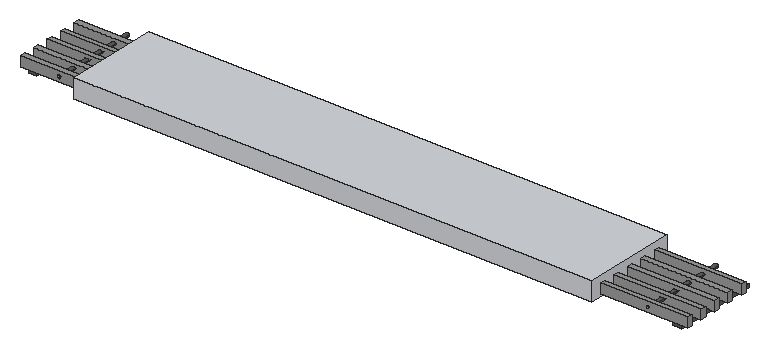
Revit family "1212-5, Veneer", category Generic Models, host Face, Revit 2020
Family settings
  Host = Face
  Can host rebar = No
  Round Connector Dimension = Use Diameter
  Part Type = Normal
  Cut with Voids When Loaded = No
  Shared = No
  Room Calculation Point = No
Parameters
  min_value [instance] = 1' - 11 1/4"  # constant formula
  max_value [instance] = 9' - 11 1/4"  # constant formula
  actual_value [instance] = if(NET LENGTH < min_value, min_value, if(NET LENGTH > max_value, max_value, NET LENGTH))  # 7' - 11 1/4"
  NET LENGTH [instance] = 7' - 11 1/4"
  IMPORTANT NOTE!!!                                                                             *Backer & dowel layout is for visualization purposes only, final layout to be determined by 9Wood. [instance] = ""
  Default Elevation = 4' - 0"
  DOWEL RADIUS [instance] = 0' - 0 1/4"  # constant formula
  BACKING M MATERIAL [instance] = BLACK-BACKERS
  .. MEMBER WIDTH [instance] = 0' - 0 3/4"  # constant formula
  .. MEMBER MATERIAL [instance] = Veneer Cherry
  .. MEMBER DEPTH [instance] = 0' - 1 3/8"  # constant formula
  .. MEMBER COUNT [instance] = 5  # constant formula
Reference planes (in)
  plane 1 "Center (Front/Back)": y = 0
  plane 2: z = 2.726
  plane 3 "Center (Left/Right)": x = 0
Forms (in)
  Extrusion 1, solid
    sketch origin (15, -0.86619, -0.99308) x (0, 1, 0) y (-1, 0, 0)
      loop
        line (3.42869, -23.66817) -> (3.42869, 50.25) -> (-10, 50.25) -> (-10, -23.66817) -> (3.42869, -23.66817)
    from 3.71908 to 1.00111
Dimensions and locks (in)
  aligned and locked: plane 2 to Extrusion 1
Nested families (in)
  nested 1: "1200 Series" at (-44, -2, 1.87867), NET LENGTH <- "actual_value", DOWEL RADII <- "DOWEL RADIUS", .. MEMBER WIDTH <- ".. MEMBER WIDTH", .. MEMBER DEPTH <- ".. MEMBER DEPTH", .. MEMBER MATERIAL <- ".. MEMBER MATERIAL", BACKING M MATERIAL <- "BACKING M MATERIAL", .. MEMBER COUNT <- ".. MEMBER COUNT", type "1200 Series"
    with X 7' - 4", WIDTH 1' - 0 1/16", Space 0' - 0 11/16", START 0' - 0 3/8", SCRIM MATERIAL SCRIM, SCRIM 3 8' - 1", SCRIM 2 0' - 0 7/8", SCRIM 1 0' - 0 3/32", SCRIM yes, NET LENGTH 7' - 11 1/4", N 8, INSET 3 0' - 0 3/16", INSET 0' - 1", INDEX 0' - 5 5/8", END BACKER yes, DOWEL RADII 0' - 0 1/4", DOWEL COUNT 8, BACKING M WIDTH 0' - 1 1/4", BACKING M MATERIAL BLACK-BACKERS, BACKING M LENGTH 0' - 11 7/8", BACKING M DEPTH 0' - 0 1/2", .. MEMBER WIDTH 0' - 0 3/4", .. MEMBER OC TYP 0' - 2.4", .. MEMBER MATERIAL Veneer Cherry, .. MEMBER DEPTH 0' - 1 3/8", .. MEMBER COUNT 5
Definition of nested family "1200 Series"
  Parameters (values of type "1200 Series")
    X [instance] = NET LENGTH - (0' 3 5/8" * 2)  # 6' - 2"
    WIDTH [instance] = 1' - 0 1/16"
    Space [instance] = 0' - 0 11/16"  # constant formula
    START [instance] = .. MEMBER WIDTH / 2  # 0' - 0 3/8"
    SCRIM MATERIAL [instance] = none
    SCRIM 3 [instance] = NET LENGTH + (SCRIM 2 * 2)  # 6' - 11"
    SCRIM 2 [instance] = 0' - 0 7/8"
    SCRIM 1 [instance] = 0' - 0 3/32"
    SCRIM [instance] = yes
    NET LENGTH [instance] = 6' - 9 1/4"
    N [instance] = if((X - (rounddown(X / 1' 0") * 1' 0")) > 1' 0", rounddown(X / 1' 0") + 2, rounddown(X / 1' 0") + 1)  # 7
    INSET 3 [instance] = 0' - 0 3/16"
    INSET [instance] = 0' - 1"
    INDEX [instance] = (NET LENGTH - ((N - 1) * 1' 0")) / 2  # 0' - 4 5/8"
    END BACKER [instance] = yes
    Default Elevation = 0' - 0"
    DOWEL RADII [instance] = 0' - 0 1/4"
    DOWEL COUNT [instance] = N  # 7
    BACKING M WIDTH [instance] = 0' - 1 1/4"
    BACKING M MATERIAL [instance] = none
    BACKING M LENGTH [instance] = 0' - 11 7/8"
    BACKING M DEPTH [instance] = 0' - 0 1/2"
    .. MEMBER WIDTH [instance] = 0' - 0 3/4"
    .. MEMBER OC TYP [instance] = 1' 0" / .. MEMBER COUNT  # 0' - 3"
    .. MEMBER MATERIAL [instance] = none
    .. MEMBER DEPTH [instance] = 0' - 1 3/8"
    .. MEMBER COUNT [instance] = 4
  Reference planes (in)
    plane 1 "Center (Front/Back)": y = -7.5
    plane 2: z = 0
    plane 3 "Center (Left/Right)": x = 0
    plane 4: x = 1
    plane 5: x = 4.625
    plane 6: x = 81.25
    plane 7: x = 80.25
    plane 8: x = 16.625
    plane 9: y = -7.3125
    plane 10: y = -4.125
    plane 11: y = -7.125
    plane 12: y = 4.5625
    plane 13: y = -4.5
    plane 14: y = -7.59375
    plane 15: x = 82.125
    plane 16: y = 4.65625
    plane 17: x = -0.875
    plane 18: z = -1.375
    plane 19: z = -0.6875
  Lines and regions (in)
    model lines
      curve 1: line (4.375, -7.5, -0.6875) -> (4.875, -7.5, -0.6875)
    model lines, not visible
      curve 2: line (4.625, -7.5, -0.9375) -> (4.625, -7.5, -0.4375)
      curve 3: line (4.375, -7.5, -0.6875) -> (4.875, -7.5, -0.6875)
      curve 4: line (16.625, -7.5, -0.9375) -> (16.625, -7.5, -0.4375)
      curve 5: line (16.375, -7.5, -0.6875) -> (16.875, -7.5, -0.6875)
      curve 6: line (28.625, -7.5, -0.9375) -> (28.625, -7.5, -0.4375)
      curve 7: line (28.375, -7.5, -0.6875) -> (28.875, -7.5, -0.6875)
      curve 8: line (40.625, -7.5, -0.9375) -> (40.625, -7.5, -0.4375)
      curve 9: line (40.375, -7.5, -0.6875) -> (40.875, -7.5, -0.6875)
      curve 10: line (52.625, -7.5, -0.9375) -> (52.625, -7.5, -0.4375)
      curve 11: line (52.375, -7.5, -0.6875) -> (52.875, -7.5, -0.6875)
      curve 12: line (64.625, -7.5, -0.9375) -> (64.625, -7.5, -0.4375)
      curve 13: line (64.375, -7.5, -0.6875) -> (64.875, -7.5, -0.6875)
      curve 14: line (76.625, -7.5, -0.9375) -> (76.625, -7.5, -0.4375)
      curve 15: line (76.375, -7.5, -0.6875) -> (76.875, -7.5, -0.6875)
  Dimensions and locks (in)
    "NET LENGTH": plane 3 "Center (Left/Right)" to plane 6
    "INSET": plane 7 to plane 6
    "INDEX": plane 3 "Center (Left/Right)" to plane 5
    plane 5 to plane 8 = 1' - 0"
    "INSET 3": plane 1 "Center (Front/Back)" to plane 9
    equal spacing: group 1, group 2, group 3, group 4  (x3)
    "START": plane 11 to plane 1 "Center (Front/Back)"
    ".. MEMBER OC TYP": plane 10 to plane 11
    "WIDTH": plane 12 to plane 1 "Center (Front/Back)"
    "START": plane 10 to plane 13
    "SCRIM 1": plane 14 to plane 1 "Center (Front/Back)"
    "SCRIM 2": plane 6 to plane 15
    "SCRIM 1": plane 12 to plane 16
    "SCRIM 2": plane 17 to plane 3 "Center (Left/Right)"
    "INSET": plane 3 "Center (Left/Right)" to plane 4
    equal spacing: group 5, group 6, group 7, group 8, group 9, group 10, group 11  (x3)
    "Space": plane 19 to plane 18
    aligned and locked: level to plane 2
    aligned and locked: nested 1 to plane 4  (x2)
    aligned and locked: plane 7 to nested 2
    aligned and locked: plane 5 to nested 3
    aligned and locked: nested 1 to plane 9
    aligned and locked: plane 1 "Center (Front/Back)" to nested 4
    aligned and locked: plane 9 to nested 2
    aligned and locked: plane 13 to nested 5
    aligned and locked: nested 3 to plane 9
    aligned and locked: plane 18 to nested 1
    aligned and locked: plane 19 to nested 3
    aligned and locked: curve 1 to plane 19
    aligned and locked: plane 8 to curve 4
    aligned and locked: curve 5 to plane 19
    aligned and locked: nested 4 to plane 18
  Automatic sketch dimensions
    curve 1 to curve 1 = 0' - 0 1/2"
    curve 1 to plane 5 = 0' - 0 1/4"
    plane 5 to curve 1 = 0' - 0 1/4"
    curve 3 to curve 2 = 0' - 0 1/4"  (x2)
    curve 2 to curve 3 = 0' - 0 1/4"  (x2)
    curve 5 to curve 4 = 0' - 0 1/4"  (x2)
    curve 4 to curve 5 = 0' - 0 1/4"  (x2)
    curve 7 to curve 6 = 0' - 0 1/4"  (x2)
    curve 6 to curve 7 = 0' - 0 1/4"  (x2)
    curve 9 to curve 8 = 0' - 0 1/4"  (x2)
    curve 8 to curve 9 = 0' - 0 1/4"  (x2)
    curve 11 to curve 10 = 0' - 0 1/4"  (x2)
    curve 10 to curve 11 = 0' - 0 1/4"  (x2)
    curve 13 to curve 12 = 0' - 0 1/4"  (x2)
    curve 12 to curve 13 = 0' - 0 1/4"  (x2)
    curve 15 to curve 14 = 0' - 0 1/4"  (x2)
    curve 14 to curve 15 = 0' - 0 1/4"  (x2)
  Nested families (in)
    nested 1: "INSTANCE - 2ND -  EXTEND SIDE H CENTER W - Parametric Cube" at (1, -1.375, -1.375) x (0, -1, 0) z (0, 0, 1), Width <- "BACKING M LENGTH", Length <- "BACKING M WIDTH", Material <- "BACKING M MATERIAL", Height <- "BACKING M DEPTH", visible <- "END BACKER", type "INSTANCE - 2ND -  EXTEND SIDE H CENTER W - Parametric Cube"
      with Width 0' - 11 7/8", Material none, Length 0' - 1 1/4", Height 0' - 0 1/2"
    nested 2: "INSTANCE - 2ND -  EXTEND SIDE H CENTER W - Parametric Cube" at (80.25, -1.375, -1.375) x (0, -1, 0) z (0, 0, 1), Width <- "BACKING M LENGTH", Length <- "BACKING M WIDTH", Material <- "BACKING M MATERIAL", Height <- "BACKING M DEPTH", visible <- "END BACKER", type "INSTANCE - 2ND -  EXTEND SIDE H CENTER W - Parametric Cube"
      with Width 0' - 11 7/8", Material none, Length 0' - 1 1/4", Height 0' - 0 1/2"
    nested 3: "Family3" at (-5.375, -7.3125, -0.6875), DOWEL RADII <- "DOWEL RADII", BACKING MEM MATERIAL <- "BACKING M MATERIAL", type "Family3"
      with DOWEL RADII 0' - 0 1/4", DOWEL LENGTH 0' - 11 7/8", BACKING MEM MATERIAL none
    nested 4: "HOLED MEMBER" at (0, -18.75, 6.19404), DOWEL RADII <- "DOWEL RADII", .. MEMBER LENGTH <- "NET LENGTH", DOWEL COUNT <- "DOWEL COUNT", DEPTH <- ".. MEMBER DEPTH", .. MEMBER WIDTH <- ".. MEMBER WIDTH", Material <- ".. MEMBER MATERIAL", DOWEL INDEX <- "INDEX", Space 2 <- "Space", type "HOLED MEMBER"
      with Width 0' - 6", Space 2 0' - 0 11/16", Material none, Length 1' - 0", Height 0' - 10.43096", DOWEL RADII 0' - 0 1/4", DOWEL OC DIST 1' - 0", DOWEL INDEX 0' - 4 5/8", DOWEL COUNT 7, DEPTH 0' - 1 3/8", .. MEMBER WIDTH 0' - 0 3/4", .. MEMBER LENGTH 6' - 9 1/4"
    nested 5: "HOLED MEMBER" at (0, -15.75, 6.19404), DOWEL RADII <- "DOWEL RADII", .. MEMBER LENGTH <- "NET LENGTH", DOWEL COUNT <- "DOWEL COUNT", DEPTH <- ".. MEMBER DEPTH", .. MEMBER WIDTH <- ".. MEMBER WIDTH", Material <- ".. MEMBER MATERIAL", DOWEL INDEX <- "INDEX", Space 2 <- "Space", type "HOLED MEMBER"
      with Width 0' - 6", Space 2 0' - 0 11/16", Material none, Length 1' - 0", Height 0' - 10.43096", DOWEL RADII 0' - 0 1/4", DOWEL OC DIST 1' - 0", DOWEL INDEX 0' - 4 5/8", DOWEL COUNT 7, DEPTH 0' - 1 3/8", .. MEMBER WIDTH 0' - 0 3/4", .. MEMBER LENGTH 6' - 9 1/4"
    nested 6: "HOLED MEMBER" at (0, -12.75, 6.19404), DOWEL RADII <- "DOWEL RADII", .. MEMBER LENGTH <- "NET LENGTH", DOWEL COUNT <- "DOWEL COUNT", DEPTH <- ".. MEMBER DEPTH", .. MEMBER WIDTH <- ".. MEMBER WIDTH", Material <- ".. MEMBER MATERIAL", DOWEL INDEX <- "INDEX", Space 2 <- "Space", type "HOLED MEMBER"
      with Width 0' - 6", Space 2 0' - 0 11/16", Material none, Length 1' - 0", Height 0' - 10.43096", DOWEL RADII 0' - 0 1/4", DOWEL OC DIST 1' - 0", DOWEL INDEX 0' - 4 5/8", DOWEL COUNT 7, DEPTH 0' - 1 3/8", .. MEMBER WIDTH 0' - 0 3/4", .. MEMBER LENGTH 6' - 9 1/4"
    nested 7: "HOLED MEMBER" at (0, -9.75, 6.19404), DOWEL RADII <- "DOWEL RADII", .. MEMBER LENGTH <- "NET LENGTH", DOWEL COUNT <- "DOWEL COUNT", DEPTH <- ".. MEMBER DEPTH", .. MEMBER WIDTH <- ".. MEMBER WIDTH", Material <- ".. MEMBER MATERIAL", DOWEL INDEX <- "INDEX", Space 2 <- "Space", type "HOLED MEMBER"
      with Width 0' - 6", Space 2 0' - 0 11/16", Material none, Length 1' - 0", Height 0' - 10.43096", DOWEL RADII 0' - 0 1/4", DOWEL OC DIST 1' - 0", DOWEL INDEX 0' - 4 5/8", DOWEL COUNT 7, DEPTH 0' - 1 3/8", .. MEMBER WIDTH 0' - 0 3/4", .. MEMBER LENGTH 6' - 9 1/4"
    nested 8: "Family3" at (6.625, -7.3125, -0.6875), DOWEL RADII <- "DOWEL RADII", BACKING MEM MATERIAL <- "BACKING M MATERIAL", type "Family3"
      with DOWEL RADII 0' - 0 1/4", DOWEL LENGTH 0' - 11 7/8", BACKING MEM MATERIAL none
    nested 9: "Family3" at (18.625, -7.3125, -0.6875), DOWEL RADII <- "DOWEL RADII", BACKING MEM MATERIAL <- "BACKING M MATERIAL", type "Family3"
      with DOWEL RADII 0' - 0 1/4", DOWEL LENGTH 0' - 11 7/8", BACKING MEM MATERIAL none
    nested 10: "Family3" at (30.625, -7.3125, -0.6875), DOWEL RADII <- "DOWEL RADII", BACKING MEM MATERIAL <- "BACKING M MATERIAL", type "Family3"
      with DOWEL RADII 0' - 0 1/4", DOWEL LENGTH 0' - 11 7/8", BACKING MEM MATERIAL none
    nested 11: "Family3" at (42.625, -7.3125, -0.6875), DOWEL RADII <- "DOWEL RADII", BACKING MEM MATERIAL <- "BACKING M MATERIAL", type "Family3"
      with DOWEL RADII 0' - 0 1/4", DOWEL LENGTH 0' - 11 7/8", BACKING MEM MATERIAL none
    nested 12: "Family3" at (54.625, -7.3125, -0.6875), DOWEL RADII <- "DOWEL RADII", BACKING MEM MATERIAL <- "BACKING M MATERIAL", type "Family3"
      with DOWEL RADII 0' - 0 1/4", DOWEL LENGTH 0' - 11 7/8", BACKING MEM MATERIAL none
    nested 13: "Family3" at (66.625, -7.3125, -0.6875), DOWEL RADII <- "DOWEL RADII", BACKING MEM MATERIAL <- "BACKING M MATERIAL", type "Family3"
      with DOWEL RADII 0' - 0 1/4", DOWEL LENGTH 0' - 11 7/8", BACKING MEM MATERIAL none
  Definition of nested family "INSTANCE - 2ND -  EXTEND SIDE H CENTER W - Parametric Cube"
    Parameters (values of type "INSTANCE - 2ND -  EXTEND SIDE H CENTER W - Parametric Cube")
      Width [instance] = 0' - 6"
      Material [instance] = none
      Length [instance] = 1' - 0"
      Height [instance] = 1' - 6"
      Default Elevation = 0' - 0"
    Reference planes (in)
      plane 1 "Center (Front/Back)": y = 0
      plane 2: z = 0
      plane 3 "Center (Left/Right)": x = 0
      plane 4: x = -3
      plane 5: x = 3
      plane 6: y = 12
      plane 7: z = -18
    Forms (in)
      Extrusion 1, solid, material <- "Material"
        sketch origin (0, 6, 0) x (1, 0, 0) y (0, 1, 0)
          loop
            line (-3, 6) -> (-3, -6) -> (3, -6) -> (3, 6) -> (-3, 6)
        from -18 to 0
    Dimensions and locks (in)
      equal spacing: plane 4, plane 3 "Center (Left/Right)", plane 5
      "Width": plane 4 to plane 5
      "Height": plane 7 to level
      "Length": plane 1 "Center (Front/Back)" to plane 6
      aligned and locked: plane 2 to level
      aligned and locked: plane 4 to Extrusion 1 sketch curve
      aligned and locked: Extrusion 1 sketch curve to plane 5
      aligned and locked: Extrusion 1 to plane 7
      aligned and locked: plane 6 to Extrusion 1
    Automatic sketch dimensions
      plane 1 "Center (Front/Back)" to Extrusion 1 sketch curve = 0' - 0"
      plane 6 to Extrusion 1 sketch curve = 0' - 0"
  Definition of nested family "Family3"
    Parameters (values of type "Family3")
      Default Elevation = 0' - 0"
      DOWEL RADII [instance] = 0' - 0 5/8"
      DOWEL LENGTH [instance] = 0' - 5"
      BACKING MEM MATERIAL [instance] = none
    Reference planes (in)
      plane 1 "Center (Front/Back)": y = 0
      plane 2: z = 0
      plane 3 "Center (Left/Right)": x = 0
      plane 4: y = 5
    Forms (in)
      Extrusion 1, solid, material <- "BACKING MEM MATERIAL"
        sketch origin (10, 0, 0) x (1, 0, 0) y (0, 0, 1)
          loop
            circle (0, 0) r 0.625
        from 0 to -5
      Extrusion 2, solid, not visible
        sketch origin (0, 0, 0) x (1, 0, 0) y (0, 0, 1)
          loop
            circle (0, 0) r 0.625
        from 0 to 12
      Extrusion 3, solid, not visible
        sketch origin (10, 0, 0) x (1, 0, 0) y (0, 0, 1)
          loop
            circle (0, 0) r 0.625
        from 0 to 2.5
      Extrusion 4, solid, not visible
        sketch origin (10, 0, 0) x (1, 0, 0) y (0, 0, 1)
          loop
            circle (0, 0) r 0.625
        from 0 to -12
    Lines and regions (in)
      model lines, not visible
        curve 1: line (-13, 0, 0) -> (-13, -12, 0)
        curve 2: line (13, 0, 0) -> (13, -12, 0)
        curve 3: line (9.89453, 0, 0) -> (10.08794, 0, 0)
        curve 4: line (9.89453, -2.5, 0) -> (10.08794, -2.5, 0)
        curve 6: line (10, 0, 0) -> (10, 2, 0)
      model lines
        curve 5: line (10, 0, 0) -> (10, 2, 0)
    Dimensions and locks (in)
      "DOWEL LENGTH": plane 1 "Center (Front/Back)" to plane 4
      "DOWEL RADII": radius of Extrusion 1 sketch curve
      "DOWEL RADII": radius of Extrusion 2 sketch curve
      "DOWEL RADII": radius of Extrusion 3 sketch curve
      "DOWEL RADII": radius of Extrusion 4 sketch curve
      "DOWEL RADII": radius of Extrusion 1
      aligned and locked: plane 2 to level
      aligned and locked: Extrusion 1 to plane 1 "Center (Front/Back)"  (x3)
      aligned and locked: plane 1 "Center (Front/Back)" to Extrusion 1
      aligned and locked: plane 4 to Extrusion 1
    Automatic sketch dimensions
      plane 1 "Center (Front/Back)" to curve 5 = 0' - 0"
      curve 5 to plane 1 "Center (Front/Back)" = 0' - 2"
      plane 3 "Center (Left/Right)" to curve 5 = 0' - 10"
      Extrusion 1 sketch curve to level = 0' - 0"
      plane 3 "Center (Left/Right)" to Extrusion 1 sketch curve = 0' - 10"
  Definition of nested family "HOLED MEMBER"
    Parameters (values of type "HOLED MEMBER")
      Width [instance] = 0' - 6"
      Space 2 [instance] = 0' - 0 5/8"
      Space = 0' - 0 5/8"
      Material [instance] = none
      Length [instance] = 1' - 0"
      Height [instance] = 0' - 10.43096"
      Default Elevation = 0' - 0"
      DOWEL RADII [instance] = 0' - 0.34537"
      DOWEL OC DIST [instance] = 1' - 0"
      DOWEL INSET = 0' - 0 5/8"
      DOWEL INDEX [instance] = 0' - 5 5/8"
      DOWEL COUNT [instance] = 6
      DEPTH [instance] = 0' - 2"
      .. MEMBER WIDTH [instance] = 0' - 0 5/8"
      .. MEMBER LENGTH [instance] = 5' - 11 3/4"
    Reference planes (in)
      plane 1 "Center (Front/Back)": y = 12
      plane 2: z = -7.56904
      plane 3 "Center (Left/Right)": x = 0
      plane 4: x = 5.625
      plane 5: x = 17.625
      plane 6: y = 11.375
      plane 7: x = 71.75
      plane 8: z = -6.94404
      plane 9: z = -5.56904
    Forms (in)
      Extrusion 1, solid, material <- "Material"
        sketch origin (0, 12, -13.56904) x (1, 0, 0) y (0, 0, 1)
          loop
            line (0, 6) -> (71.75, 6) -> (71.75, 8) -> (0, 8) -> (0, 6)
        from 0.625 to 0
      Extrusion 2, void
        sketch origin (0, 12, -18.31904) x (1, 0, 0) y (0, 0, 1)
          loop
            circle (5.625, 11.375) r 0.34537
        from 0 to 12
      Extrusion 3, void, not visible
        sketch origin (0, 1.25, 0) x (1, 0, 0) y (0, 1, 0)
          loop
            circle (5.625, 11.375) r 0.34537
        from 0 to 12
      Extrusion 4, void, not visible
        sketch origin (0, 1.25, 0) x (1, 0, 0) y (0, 1, 0)
          loop
            circle (5.625, 11.375) r 0.34537
        from 0 to 12
      Extrusion 5, void, not visible
        sketch origin (12, 1.25, 0) x (1, 0, 0) y (0, 1, 0)
          loop
            circle (5.625, 11.375) r 0.34537
        from 0 to 12
      Extrusion 6, void, not visible
        sketch origin (0, 12, -16.31904) x (1, 0, 0) y (0, 0, 1)
          loop
            circle (5.625, 11.375) r 0.34537
        from 0 to 12
      Extrusion 7, void, not visible
        sketch origin (12, 12, -16.31904) x (1, 0, 0) y (0, 0, 1)
          loop
            circle (5.625, 11.375) r 0.34537
        from 0 to 12
      Extrusion 8, void, not visible
        sketch origin (0, 12, -18.31904) x (1, 0, 0) y (0, 0, 1)
          loop
            circle (5.625, 11.375) r 0.34537
        from 0 to 12
      Extrusion 9, void
        sketch origin (12, 12, -18.31904) x (1, 0, 0) y (0, 0, 1)
          loop
            circle (5.625, 11.375) r 0.34537
        from 0 to 12
      Extrusion 10, void, not visible
        sketch origin (24, 12, -16.31904) x (1, 0, 0) y (0, 0, 1)
          loop
            circle (5.625, 11.375) r 0.34537
        from 0 to 12
      Extrusion 11, void, not visible
        sketch origin (36, 12, -16.31904) x (1, 0, 0) y (0, 0, 1)
          loop
            circle (5.625, 11.375) r 0.34537
        from 0 to 12
      Extrusion 12, void, not visible
        sketch origin (48, 12, -16.31904) x (1, 0, 0) y (0, 0, 1)
          loop
            circle (5.625, 11.375) r 0.34537
        from 0 to 12
      Extrusion 13, void, not visible
        sketch origin (60, 12, -16.31904) x (1, 0, 0) y (0, 0, 1)
          loop
            circle (5.625, 11.375) r 0.34537
        from 0 to 12
      Extrusion 14, void, not visible
        sketch origin (24, 1.25, 0) x (1, 0, 0) y (0, 1, 0)
          loop
            circle (5.625, 11.375) r 0.34537
        from 0 to 12
      Extrusion 15, void, not visible
        sketch origin (36, 1.25, 0) x (1, 0, 0) y (0, 1, 0)
          loop
            circle (5.625, 11.375) r 0.34537
        from 0 to 12
      Extrusion 16, void, not visible
        sketch origin (48, 1.25, 0) x (1, 0, 0) y (0, 1, 0)
          loop
            circle (5.625, 11.375) r 0.34537
        from 0 to 12
      Extrusion 17, void, not visible
        sketch origin (60, 1.25, 0) x (1, 0, 0) y (0, 1, 0)
          loop
            circle (5.625, 11.375) r 0.34537
        from 0 to 12
      Extrusion 18, void
        sketch origin (24, 12, -18.31904) x (1, 0, 0) y (0, 0, 1)
          loop
            circle (5.625, 11.375) r 0.34537
        from 0 to 12
      Extrusion 19, void
        sketch origin (36, 12, -18.31904) x (1, 0, 0) y (0, 0, 1)
          loop
            circle (5.625, 11.375) r 0.34537
        from 0 to 12
      Extrusion 20, void
        sketch origin (48, 12, -18.31904) x (1, 0, 0) y (0, 0, 1)
          loop
            circle (5.625, 11.375) r 0.34537
        from 0 to 12
      Extrusion 21, void
        sketch origin (60, 12, -18.31904) x (1, 0, 0) y (0, 0, 1)
          loop
            circle (5.625, 11.375) r 0.34537
        from 0 to 12
    Cuts and joins
      Extrusion 2, Extrusion 9, Extrusion 18, Extrusion 19, Extrusion 20, Extrusion 21 cuts Extrusion 1
    Lines and regions (in)
      model lines, not visible
        curve 1: line (5.625, 11.72037, 0) -> (5.625, 11.02963, 0)
        curve 2: line (5.625, 11.72037, 0) -> (5.625, 11.02963, 0)
        curve 3: line (17.625, 11.72037, 0) -> (17.625, 11.02963, 0)
        curve 4: line (5.625, 12, -7.56904) -> (5.625, 11.87317, -7.56904)
        curve 5: line (5.625, 11.87317, -7.56904) -> (5.06195, 11.87317, -7.56904)
        curve 6: line (5.06195, 11.87317, -7.56904) -> (5.27963, 11.375, -7.56904)
        curve 7: line (0, 12, -6.19404) -> (0, 11.61951, -6.19404)
        curve 8: line (0, 11.375, -8.19404) -> (0, 11.6747, -8.19404)
        curve 9: line (5.625, 12, -7.56904) -> (5.625, 11.69863, -7.56904)
        curve 11: line (5.625, 12, 0) -> (5.625, 12, 0.30137)
        curve 12: line (5.625, 12, 0) -> (5.625, 12, 0.30137)
        curve 13: line (17.625, 12, 0) -> (17.625, 12, 0.30137)
        curve 14: line (5.625, 12, -5.56904) -> (5.625, 11.69863, -5.56904)
        curve 15: line (17.625, 12, -5.56904) -> (17.625, 11.69863, -5.56904)
        curve 16: line (5.625, 12, -7.56904) -> (5.625, 11.69863, -7.56904)
        curve 18: line (29.625, 12, -5.56904) -> (29.625, 11.69863, -5.56904)
        curve 19: line (41.625, 12, -5.56904) -> (41.625, 11.69863, -5.56904)
        curve 20: line (53.625, 12, -5.56904) -> (53.625, 11.69863, -5.56904)
        curve 21: line (65.625, 12, -5.56904) -> (65.625, 11.69863, -5.56904)
        curve 22: line (29.625, 11.72037, 0) -> (29.625, 11.02963, 0)
        curve 23: line (29.625, 12, 0) -> (29.625, 12, 0.30137)
        curve 24: line (41.625, 11.72037, 0) -> (41.625, 11.02963, 0)
        curve 25: line (41.625, 12, 0) -> (41.625, 12, 0.30137)
        curve 26: line (53.625, 11.72037, 0) -> (53.625, 11.02963, 0)
        curve 27: line (53.625, 12, 0) -> (53.625, 12, 0.30137)
        curve 28: line (65.625, 11.72037, 0) -> (65.625, 11.02963, 0)
        curve 29: line (65.625, 12, 0) -> (65.625, 12, 0.30137)
        curve 35: line (5.27963, 12.625, 0) -> (5.97037, 12.625, 0)
        curve 36: line (5.27963, 12.625, 0) -> (5.97037, 12.625, 0)
        curve 37: line (17.27963, 12.625, 0) -> (17.97037, 12.625, 0)
        curve 38: line (5.27963, 12, -4.94404) -> (5.97037, 12, -4.94404)
        curve 39: line (17.27963, 12, -4.94404) -> (17.97037, 12, -4.94404)
        curve 40: line (5.27963, 12, -6.94404) -> (5.97037, 12, -6.94404)
        curve 42: line (29.27963, 12, -4.94404) -> (29.97037, 12, -4.94404)
        curve 43: line (41.27963, 12, -4.94404) -> (41.97037, 12, -4.94404)
        curve 44: line (53.27963, 12, -4.94404) -> (53.97037, 12, -4.94404)
        curve 45: line (65.27963, 12, -4.94404) -> (65.97037, 12, -4.94404)
        curve 46: line (29.27963, 12.625, 0) -> (29.97037, 12.625, 0)
        curve 47: line (41.27963, 12.625, 0) -> (41.97037, 12.625, 0)
        curve 48: line (53.27963, 12.625, 0) -> (53.97037, 12.625, 0)
        curve 49: line (65.27963, 12.625, 0) -> (65.97037, 12.625, 0)
        curve 54: line (0, 12, -6.94404) -> (0, 4.22059, -6.94404)
        curve 55: line (0, 12.625, 0) -> (0, 12.625, 7.77941)
        curve 56: line (0, 12.625, 0) -> (0, 12.625, 7.77941)
        curve 57: line (12, 12.625, 0) -> (12, 12.625, 7.77941)
        curve 58: line (0, 12, -4.94404) -> (0, 4.22059, -4.94404)
        curve 59: line (12, 12, -4.94404) -> (12, 4.22059, -4.94404)
        curve 60: line (0, 12, -6.94404) -> (0, 4.22059, -6.94404)
        curve 61: line (12, 12, -6.94404) -> (12, 4.22059, -6.94404)
        curve 62: line (24, 12, -4.94404) -> (24, 4.22059, -4.94404)
        curve 63: line (36, 12, -4.94404) -> (36, 4.22059, -4.94404)
        curve 64: line (48, 12, -4.94404) -> (48, 4.22059, -4.94404)
        curve 65: line (60, 12, -4.94404) -> (60, 4.22059, -4.94404)
        curve 66: line (24, 12.625, 0) -> (24, 12.625, 7.77941)
        curve 67: line (36, 12.625, 0) -> (36, 12.625, 7.77941)
        curve 68: line (48, 12.625, 0) -> (48, 12.625, 7.77941)
        curve 69: line (60, 12.625, 0) -> (60, 12.625, 7.77941)
        curve 70: line (24, 12, -6.94404) -> (24, 4.22059, -6.94404)
        curve 71: line (36, 12, -6.94404) -> (36, 4.22059, -6.94404)
        curve 72: line (48, 12, -6.94404) -> (48, 4.22059, -6.94404)
        curve 73: line (60, 12, -6.94404) -> (60, 4.22059, -6.94404)
      model lines
        curve 10: line (5.625, 12, -7.56904) -> (5.625, 11.69863, -7.56904)
        curve 17: line (17.625, 12, -7.56904) -> (17.625, 11.69863, -7.56904)
        curve 30: line (29.625, 12, -7.56904) -> (29.625, 11.69863, -7.56904)
        curve 31: line (41.625, 12, -7.56904) -> (41.625, 11.69863, -7.56904)
        curve 32: line (53.625, 12, -7.56904) -> (53.625, 11.69863, -7.56904)
        curve 33: line (65.625, 12, -7.56904) -> (65.625, 11.69863, -7.56904)
        curve 34: line (5.27963, 12, -6.94404) -> (5.97037, 12, -6.94404)
        curve 41: line (17.27963, 12, -6.94404) -> (17.97037, 12, -6.94404)
        curve 50: line (29.27963, 12, -6.94404) -> (29.97037, 12, -6.94404)
        curve 51: line (41.27963, 12, -6.94404) -> (41.97037, 12, -6.94404)
        curve 52: line (53.27963, 12, -6.94404) -> (53.97037, 12, -6.94404)
        curve 53: line (65.27963, 12, -6.94404) -> (65.97037, 12, -6.94404)
    Dimensions and locks (in)
      "DOWEL INDEX": plane 3 "Center (Left/Right)" to plane 4
      "DOWEL OC DIST": plane 4 to plane 5
      ".. MEMBER LENGTH": plane 3 "Center (Left/Right)" to plane 7
      equal spacing: group 3, group 4, group 17, group 18, group 19, group 20  (x3)
      equal spacing: group 7, group 8, group 13, group 14, group 15, group 16  (x3)
      equal spacing: group 1, group 12, group 21, group 22, group 23, group 24  (x3)
      ".. MEMBER WIDTH": plane 6 to plane 1 "Center (Front/Back)"
      "DEPTH": plane 9 to level
      "Space 2": plane 8 to level
      "DOWEL RADII": radius of Extrusion 2 sketch curve
      "DOWEL RADII": radius of Extrusion 3 sketch curve
      "DOWEL RADII": radius of Extrusion 4 sketch curve
      "DOWEL RADII": radius of Extrusion 5 sketch curve
      "DOWEL RADII": radius of Extrusion 6 sketch curve
      "DOWEL RADII": radius of Extrusion 7 sketch curve
      "DOWEL RADII": radius of Extrusion 8 sketch curve
      "DOWEL RADII": radius of Extrusion 9 sketch curve
      "DOWEL RADII": radius of Extrusion 10 sketch curve
      "DOWEL RADII": radius of Extrusion 11 sketch curve
      "DOWEL RADII": radius of Extrusion 12 sketch curve
      "DOWEL RADII": radius of Extrusion 13 sketch curve
      "DOWEL RADII": radius of Extrusion 14 sketch curve
      "DOWEL RADII": radius of Extrusion 15 sketch curve
      "DOWEL RADII": radius of Extrusion 16 sketch curve
      "DOWEL RADII": radius of Extrusion 17 sketch curve
      "DOWEL RADII": radius of Extrusion 18 sketch curve
      "DOWEL RADII": radius of Extrusion 19 sketch curve
      "DOWEL RADII": radius of Extrusion 20 sketch curve
      "DOWEL RADII": radius of Extrusion 21 sketch curve
      aligned and locked: level to plane 2
      aligned and locked: Extrusion 1 to plane 3 "Center (Left/Right)"  (x2)
      aligned and locked: plane 7 to cut or joined group of Extrusion 1, Extrusion 2, Extrusion 9, Extrusion 18, Extrusion 19, Extrusion 20, Extrusion 21  (x2)
      aligned and locked: cut or joined group of Extrusion 1, Extrusion 2, Extrusion 9, Extrusion 18, Extrusion 19, Extrusion 20, Extrusion 21 to plane 1 "Center (Front/Back)"  (x2)
      aligned and locked: cut or joined group of Extrusion 1, Extrusion 2, Extrusion 9, Extrusion 18, Extrusion 19, Extrusion 20, Extrusion 21 to plane 6  (x2)
      aligned and locked: plane 4 to curve 10
      aligned and locked: plane 5 to curve 17
      aligned and locked: plane 9 to cut or joined group of Extrusion 1, Extrusion 2, Extrusion 9, Extrusion 18, Extrusion 19, Extrusion 20, Extrusion 21  (x2)
      aligned and locked: cut or joined group of Extrusion 1, Extrusion 2, Extrusion 9, Extrusion 18, Extrusion 19, Extrusion 20, Extrusion 21 to level
      aligned and locked: plane 8 to Extrusion 2
      aligned and locked: curve 34 to plane 8
      aligned and locked: curve 41 to plane 8
      aligned and locked: level to curve 10
      aligned and locked: curve 10 to level
      aligned and locked: plane 8 to cut or joined group of Extrusion 1, Extrusion 2, Extrusion 9, Extrusion 18, Extrusion 19, Extrusion 20, Extrusion 21
      aligned and locked: curve 54 to plane 8
    Automatic sketch dimensions
      curve 1 to curve 1 = 0' - 0.69074"
      curve 2 to curve 2 = 0' - 0.69074"
      curve 3 to curve 3 = 0' - 0.69074"
      Extrusion 1 sketch curve to plane 3 "Center (Left/Right)" = 0' - 0"
      Extrusion 1 sketch curve to plane 7 = 0' - 0"
      Extrusion 1 sketch curve to Extrusion 1 sketch curve = 0' - 2"
      level to Extrusion 1 sketch curve = 0' - 0"
      curve 9 to curve 9 = 0' - 0.30137"
      curve 10 to curve 10 = 0' - 0.30137"
      curve 11 to curve 11 = 0' - 0.30137"
      curve 12 to curve 12 = 0' - 0.30137"
      curve 13 to curve 13 = 0' - 0.30137"
      curve 14 to curve 14 = 0' - 0.30137"
      curve 15 to curve 15 = 0' - 0.30137"
      curve 16 to curve 16 = 0' - 0.30137"
      curve 17 to curve 17 = 0' - 0.30137"
      curve 18 to curve 18 = 0' - 0.30137"
      curve 19 to curve 19 = 0' - 0.30137"
      curve 20 to curve 20 = 0' - 0.30137"
      curve 21 to curve 21 = 0' - 0.30137"
      curve 22 to curve 22 = 0' - 0.69074"
      curve 23 to curve 23 = 0' - 0.30137"
      curve 24 to curve 24 = 0' - 0.69074"
      curve 25 to curve 25 = 0' - 0.30137"
      curve 26 to curve 26 = 0' - 0.69074"
      curve 27 to curve 27 = 0' - 0.30137"
      curve 28 to curve 28 = 0' - 0.69074"
      curve 29 to curve 29 = 0' - 0.30137"
      curve 30 to curve 30 = 0' - 0.30137"
      curve 31 to curve 31 = 0' - 0.30137"
      curve 32 to curve 32 = 0' - 0.30137"
      curve 33 to curve 33 = 0' - 0.30137"
      curve 34 to curve 34 = 0' - 0.69074"
      curve 35 to curve 35 = 0' - 0.69074"
      curve 36 to curve 36 = 0' - 0.69074"
      curve 37 to curve 37 = 0' - 0.69074"
      curve 38 to curve 38 = 0' - 0.69074"
      curve 39 to curve 39 = 0' - 0.69074"
      curve 40 to curve 40 = 0' - 0.69074"
      curve 41 to curve 41 = 0' - 0.69074"
      curve 42 to curve 42 = 0' - 0.69074"
      curve 43 to curve 43 = 0' - 0.69074"
      curve 44 to curve 44 = 0' - 0.69074"
      curve 45 to curve 45 = 0' - 0.69074"
      curve 46 to curve 46 = 0' - 0.69074"
      curve 47 to curve 47 = 0' - 0.69074"
      curve 48 to curve 48 = 0' - 0.69074"
      curve 49 to curve 49 = 0' - 0.69074"
      curve 50 to curve 50 = 0' - 0.69074"
      curve 51 to curve 51 = 0' - 0.69074"
      curve 52 to curve 52 = 0' - 0.69074"
      curve 53 to curve 53 = 0' - 0.69074"
      curve 54 to curve 54 = 0' - 7.77941"
      curve 55 to curve 55 = 0' - 7.77941"
      curve 56 to curve 56 = 0' - 7.77941"
      curve 57 to curve 57 = 0' - 7.77941"
      curve 58 to curve 58 = 0' - 7.77941"
      curve 59 to curve 59 = 0' - 7.77941"
      curve 60 to curve 60 = 0' - 7.77941"
      curve 61 to curve 61 = 0' - 7.77941"
      curve 62 to curve 62 = 0' - 7.77941"
      curve 63 to curve 63 = 0' - 7.77941"
      curve 64 to curve 64 = 0' - 7.77941"
      curve 65 to curve 65 = 0' - 7.77941"
      curve 66 to curve 66 = 0' - 7.77941"
      curve 67 to curve 67 = 0' - 7.77941"
      curve 68 to curve 68 = 0' - 7.77941"
      curve 69 to curve 69 = 0' - 7.77941"
      curve 70 to curve 70 = 0' - 7.77941"
      curve 71 to curve 71 = 0' - 7.77941"
      curve 72 to curve 72 = 0' - 7.77941"
      curve 73 to curve 73 = 0' - 7.77941"
